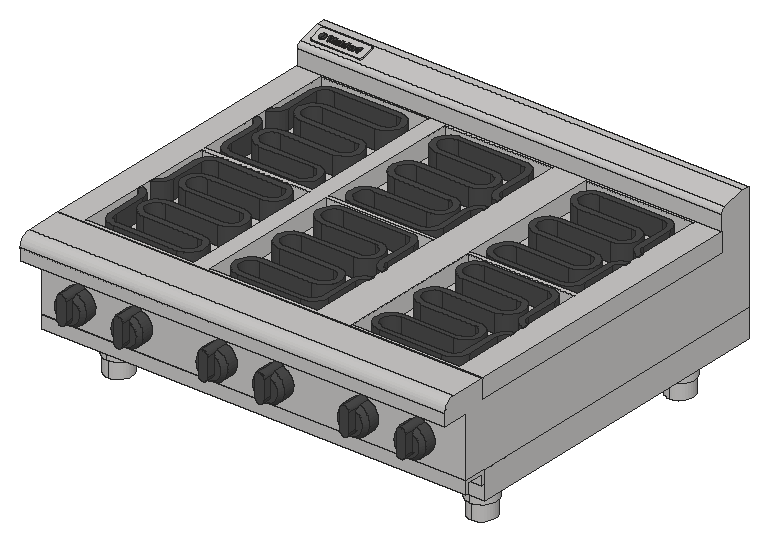
Revit family "QF_MOFFAT WALDORF_RNL8600E-B", category Specialty Equipment, Revit 2012
Parameters
  Weight in Pounds = 297.6237
  Watts = 14400 W
  Volts = 415 V
  URL Cutsheet = "www.moffat.com"
  URL = "www.moffat.com"
  Type Mark [instance] = ""
  Status [instance] = ""
  Specification by User [instance] = ""
  Specification by Manufacturer = ""
  Show Logo [instance] = yes
  Serial Number = ""
  Seismic Rating = ""
  SMACNA No = ""
  Revision Code [instance] = ""
  Phase = 3
  Omniclass Number and Title = ""
  Number of Poles = 1
  NAFEM Spec ID Number = ""
  Model = "RNL8600E-B"
  Min Ckt Ampacity = 0 A
  Max Overcurrent Protection = 0 A
  Masterspec = ""
  Manufacturer = "MOFFAT WALDORF"
  Item Number [instance] = ""
  Installed By [instance] = ""
  Identify Quantity as Lot [instance] = yes
  HP = ""
  Furnished By [instance] = ""
  Foodservice Equipment Identifier [instance] = yes
  FL Amps = 20 A
  Elec Conn RI Height = 0.0 mm
  Elec Conn Connection Height = 0.0 mm
  Description = "COOK TOP LOW SPLASHBACK ELECTRIC BENCH MOUNT"
  Cycle = 50 Hz
  Conn Plug = ""
  Conn Conduit = yes
  CSI MasterFormat = ""
  CSI Master Format = ""
  Base Height [instance] = 80.0 mm
  Apparent Power = if(Phase = 3, Volts * FL Amps * 1.73, Volts * FL Amps)  # 14359 VA
Reference planes
  plane 1 "BACK": y = 0
  plane 2: z = 0
  plane 3 "LEFT": x = 0
  plane 4 "RIGHT": x = 900
  plane 5 "FRONT": y = -805
  plane 6 "TOP": z = 370
  plane 7 "Center Y": x = 450
  plane 8 "Center X": y = -402.5
  plane 9 "Base Height": z = 80
  plane 10: x = 65.8
Forms (mm)
  Extrusion 1, solid, material "QF_Finishes_Stainless Steel"
    sketch origin (0, 0, 0) x (0, 1, 0) y (0, 0, 1)
      loop
        line (-805, 291) -> (-805, 266) -> (-749, 266) -> (-749, 140) -> (0, 140) -> (0, 370) -> (-15, 370) -> (-61.106, 357.646)
        arc (-61.106, 357.646) -> (-67.52, 353.36) -> (-70, 346.055) r 12
        line (-70, 346.055) -> (-70, 275) -> (-705, 275) -> (-705, 315) -> (-781, 315)
        arc (-781, 315) -> (-797.971, 307.971) -> (-805, 291) r 24
      loop
        line (0, 80) -> (0, 139.206) -> (-699, 139.206) -> (-699, 80) -> (0, 80)
      loop
        line (-749, 139.206) -> (-749, 112.019) -> (-742.6, 112.019) -> (-742.6, 132.806) -> (-706.4, 132.806) -> (-706.4, 112.019) -> (-700, 112.019) -> (-700, 139.206) -> (-749, 139.206)
    from 0 to 900
  Revolve 2, solid, material "QF_Finishes_Stainless Steel"
    sketch origin (835, -210, 0) x (0, 1, 0) y (0, 0, -1)
      loop
        line (78.25, -80) -> (110, -80) -> (110, 0) -> (82.5, 0) -> (82.5, -35) -> (78.25, -35) -> (78.25, -80)
      axis (110, -80) -> (110, 0)
    angle from 0 to 360
  Revolve 3, solid, material "QF_Finishes_Stainless Steel"
    sketch origin (65, -210, 0) x (0, 1, 0) y (0, 0, 1)
      loop
        line (78.25, 80) -> (78.25, 35) -> (82.5, 35) -> (82.5, 0) -> (110, 0) -> (110, 80) -> (78.25, 80)
      axis (110, 80) -> (110, 0)
    angle from 0 to 360
  Revolve 4, solid, material "QF_Finishes_Black"
    sketch origin (210, 0, 0) x (0, -1, 0) y (0, 0, 1)
      loop
        line (782, 229.605) -> (759, 229.605) -> (759, 202.105) -> (749, 202.105) -> (749, 197.105) -> (793, 197.105) -> (793, 223.757) -> (782, 229.605)
      axis (793, 197.105) -> (749, 197.105)
    angle from 0 to 360
  Extrusion 5, solid, material "QF_Finishes_Black"
    sketch origin (-78.431, 0, -103.997) x (1, 0, 0) y (0, 0, 1)
      loop
        line (298.431, 289) -> (298.431, 327.997)
        arc (298.431, 327.997) -> (288.431, 337.997) -> (278.431, 327.997) r 10
        line (278.431, 327.997) -> (278.431, 289)
        arc (278.431, 289) -> (288.431, 279) -> (298.431, 289) r 10
    from 759 to 808
  Extrusion 6, void
    sketch origin (705, 3, -500) x (1, 0, 0) y (0, 1, 0)
      loop
        circle (65, -35) r 13.5
    from 610 to 570
  Revolve 7, solid, material "QF_Finishes_Black"
    sketch origin (89.999, 0, -0.127) x (0, 1, 0) y (0, 0, -1)
      loop
        line (-782, -229.5) -> (-759, -229.5) -> (-759, -202) -> (-749, -202) -> (-749, -197) -> (-793, -197) -> (-793, -223.651) -> (-782, -229.5)
      axis (-793, -197) -> (-749, -197)
    angle from 0 to 360
  Extrusion 8, solid, material "QF_Finishes_Black"
    sketch origin (228.269, 0, 0.031) x (-1, 0, 0) y (0, 0, -1)
      loop
        arc (148.269, -184.969) -> (138.269, -174.969) -> (128.269, -184.969) r 10
        line (128.269, -184.969) -> (128.269, -223.969)
        arc (128.269, -223.969) -> (138.269, -233.969) -> (148.269, -223.969) r 10
        line (148.269, -223.969) -> (148.269, -184.969)
    from 759 to 808
  Revolve 9, solid, material "QF_Finishes_Black"
    sketch origin (510, 0, 0) x (0, -1, 0) y (0, 0, 1)
      loop
        line (782, 229.605) -> (759, 229.605) -> (759, 202.105) -> (749, 202.105) -> (749, 197.105) -> (793, 197.105) -> (793, 223.757) -> (782, 229.605)
      axis (793, 197.105) -> (749, 197.105)
    angle from 0 to 360
  Extrusion 10, solid, material "QF_Finishes_Black"
    sketch origin (371.569, 0, -103.997) x (1, 0, 0) y (0, 0, 1)
      loop
        line (148.431, 289) -> (148.431, 327.997)
        arc (148.431, 327.997) -> (138.431, 337.997) -> (128.431, 327.997) r 10
        line (128.431, 327.997) -> (128.431, 289)
        arc (128.431, 289) -> (138.431, 279) -> (148.431, 289) r 10
    from 759 to 808
  Revolve 11, solid, material "QF_Finishes_Black"
    sketch origin (389.999, 0, -0.127) x (0, 1, 0) y (0, 0, -1)
      loop
        line (-782, -229.5) -> (-759, -229.5) -> (-759, -202) -> (-749, -202) -> (-749, -197) -> (-793, -197) -> (-793, -223.651) -> (-782, -229.5)
      axis (-793, -197) -> (-749, -197)
    angle from 0 to 360
  Extrusion 12, solid, material "QF_Finishes_Black"
    sketch origin (378.269, 0, 0.031) x (-1, 0, 0) y (0, 0, -1)
      loop
        arc (-1.731, -184.969) -> (-11.731, -174.969) -> (-21.731, -184.969) r 10
        line (-21.731, -184.969) -> (-21.731, -223.969)
        arc (-21.731, -223.969) -> (-11.731, -233.969) -> (-1.731, -223.969) r 10
        line (-1.731, -223.969) -> (-1.731, -184.969)
    from 759 to 808
  Revolve 13, solid, material "QF_Finishes_Black"
    sketch origin (810, 0, 0) x (0, -1, 0) y (0, 0, 1)
      loop
        line (782, 229.605) -> (759, 229.605) -> (759, 202.105) -> (749, 202.105) -> (749, 197.105) -> (793, 197.105) -> (793, 223.757) -> (782, 229.605)
      axis (793, 197.105) -> (749, 197.105)
    angle from 0 to 360
  Extrusion 14, solid, material "QF_Finishes_Black"
    sketch origin (671.569, 0, -103.997) x (1, 0, 0) y (0, 0, 1)
      loop
        line (148.431, 289) -> (148.431, 327.997)
        arc (148.431, 327.997) -> (138.431, 337.997) -> (128.431, 327.997) r 10
        line (128.431, 327.997) -> (128.431, 289)
        arc (128.431, 289) -> (138.431, 279) -> (148.431, 289) r 10
    from 759 to 808
  Revolve 15, solid, material "QF_Finishes_Black"
    sketch origin (689.999, 0, -0.127) x (0, 1, 0) y (0, 0, -1)
      loop
        line (-782, -229.5) -> (-759, -229.5) -> (-759, -202) -> (-749, -202) -> (-749, -197) -> (-793, -197) -> (-793, -223.651) -> (-782, -229.5)
      axis (-793, -197) -> (-749, -197)
    angle from 0 to 360
  Extrusion 16, solid, material "QF_Finishes_Black"
    sketch origin (678.269, 0, 0.031) x (-1, 0, 0) y (0, 0, -1)
      loop
        arc (-1.731, -184.969) -> (-11.731, -174.969) -> (-21.731, -184.969) r 10
        line (-21.731, -184.969) -> (-21.731, -223.969)
        arc (-21.731, -223.969) -> (-11.731, -233.969) -> (-1.731, -223.969) r 10
        line (-1.731, -223.969) -> (-1.731, -184.969)
    from 759 to 808
  Revolve 17, solid, material "QF_Finishes_Stainless Steel"
    sketch origin (835, -735, 0) x (0, 1, 0) y (0, 0, -1)
      loop
        line (78.25, -80) -> (110, -80) -> (110, 0) -> (82.5, 0) -> (82.5, -35) -> (78.25, -35) -> (78.25, -80)
      axis (110, -80) -> (110, 0)
    angle from 0 to 360
  Revolve 18, solid, material "QF_Finishes_Stainless Steel"
    sketch origin (65, -735, 0) x (0, 1, 0) y (0, 0, 1)
      loop
        line (78.25, 80) -> (78.25, 35) -> (82.5, 35) -> (82.5, 0) -> (110, 0) -> (110, 80) -> (78.25, 80)
      axis (110, 80) -> (110, 0)
    angle from 0 to 360
  Extrusion 19, solid, material "QF_Finishes_Stainless Steel"
    sketch origin (0, -70, 275) x (0, -1, 0) y (1, 0, 0)
      loop
        line (1, 0) -> (635, 0) -> (635, 900) -> (1, 900) -> (1, 0)
      loop
        line (628.25, 54) -> (628.25, 282.75) -> (321.3, 282.75) -> (321.3, 54) -> (628.25, 54)
      loop
        line (6.75, 54) -> (313.7, 54) -> (313.7, 282.75) -> (6.75, 282.75) -> (6.75, 54)
      loop
        line (6.75, 317.25) -> (313.7, 317.25) -> (313.7, 546) -> (6.75, 546) -> (6.75, 317.25)
      loop
        line (628.25, 317.25) -> (628.25, 546) -> (321.3, 546) -> (321.3, 317.25) -> (628.25, 317.25)
      loop
        line (628.25, 846) -> (321.3, 846) -> (321.3, 617.25) -> (628.25, 617.25) -> (628.25, 846)
      loop
        line (6.75, 846) -> (6.75, 617.25) -> (313.7, 617.25) -> (313.7, 846) -> (6.75, 846)
    from 0 to 40
  Extrusion 20, solid, material "QF_Finishes_Black"
    sketch origin (0, -70, 275) x (0, -1, 0) y (1, 0, 0)
      loop
        arc (20.503, 102.138) -> (29.265, 78.692) -> (52.032, 68.293) r 32.731
        line (52.032, 68.293) -> (123.291, 68.293)
        arc (123.291, 68.293) -> (134.915, 64.189) -> (141.853, 54) r 19.786
        line (141.853, 54) -> (154.156, 54)
        arc (154.156, 54) -> (143.507, 72.673) -> (123.41, 80.3) r 31.79
        line (123.41, 80.3) -> (52.272, 80.3)
        arc (52.272, 80.3) -> (37.925, 87.003) -> (32.5, 101.881) r 20.722
        line (32.5, 101.881) -> (32.5, 234.6)
        arc (32.5, 234.6) -> (54.2, 256.3) -> (75.9, 234.6) r 21.7
        line (75.9, 234.6) -> (75.9, 122)
        arc (75.9, 122) -> (109.6, 88.3) -> (143.3, 122) r 33.7
        line (143.3, 122) -> (143.3, 234.6)
        arc (143.3, 234.6) -> (165, 256.3) -> (186.7, 234.6) r 21.7
        line (186.7, 234.6) -> (186.7, 122)
        arc (186.7, 122) -> (220.4, 88.3) -> (254.1, 122) r 33.7
        line (254.1, 122) -> (254.1, 234.6)
        arc (254.1, 234.6) -> (275.8, 256.3) -> (297.5, 234.6) r 21.7
        line (297.5, 234.6) -> (297.5, 101.881)
        arc (297.5, 101.881) -> (292.075, 87.003) -> (277.728, 80.3) r 20.722
        line (277.728, 80.3) -> (206.584, 80.3)
        arc (206.584, 80.3) -> (186.467, 72.659) -> (175.749, 54) r 31.973
        line (175.749, 54) -> (188.064, 54)
        arc (188.064, 54) -> (195.064, 64.184) -> (206.716, 68.3) r 19.973
        line (206.716, 68.3) -> (277.967, 68.3)
        arc (277.967, 68.3) -> (300.725, 78.682) -> (309.5, 102.106) r 32.722
        line (309.5, 102.106) -> (309.5, 234.6)
        arc (309.5, 234.6) -> (275.8, 268.3) -> (242.1, 234.6) r 33.7
        line (242.1, 234.6) -> (242.1, 122)
        arc (242.1, 122) -> (220.4, 100.3) -> (198.7, 122) r 21.7
        line (198.7, 122) -> (198.7, 234.6)
        arc (198.7, 234.6) -> (165, 268.3) -> (131.3, 234.6) r 33.7
        line (131.3, 234.6) -> (131.3, 122)
        arc (131.3, 122) -> (109.6, 100.3) -> (87.9, 122) r 21.7
        line (87.9, 122) -> (87.9, 234.6)
        arc (87.9, 234.6) -> (54.202, 268.298) -> (20.503, 234.6) r 33.698
        line (20.503, 234.6) -> (20.503, 102.138)
      loop
        arc (325.503, 102.138) -> (334.265, 78.692) -> (357.032, 68.293) r 32.731
        line (357.032, 68.293) -> (428.291, 68.293)
        arc (428.291, 68.293) -> (439.915, 64.189) -> (446.853, 54) r 19.786
        line (446.853, 54) -> (459.156, 54)
        arc (459.156, 54) -> (448.507, 72.673) -> (428.41, 80.3) r 31.79
        line (428.41, 80.3) -> (357.272, 80.3)
        arc (357.272, 80.3) -> (342.925, 87.003) -> (337.5, 101.881) r 20.722
        line (337.5, 101.881) -> (337.5, 234.6)
        arc (337.5, 234.6) -> (359.2, 256.3) -> (380.9, 234.6) r 21.7
        line (380.9, 234.6) -> (380.9, 122)
        arc (380.9, 122) -> (414.6, 88.3) -> (448.3, 122) r 33.7
        line (448.3, 122) -> (448.3, 234.6)
        arc (448.3, 234.6) -> (470, 256.3) -> (491.7, 234.6) r 21.7
        line (491.7, 234.6) -> (491.7, 122)
        arc (491.7, 122) -> (525.4, 88.3) -> (559.1, 122) r 33.7
        line (559.1, 122) -> (559.1, 234.6)
        arc (559.1, 234.6) -> (580.8, 256.3) -> (602.5, 234.6) r 21.7
        line (602.5, 234.6) -> (602.5, 101.881)
        arc (602.5, 101.881) -> (597.075, 87.003) -> (582.728, 80.3) r 20.722
        line (582.728, 80.3) -> (511.584, 80.3)
        arc (511.584, 80.3) -> (491.467, 72.659) -> (480.749, 54) r 31.973
        line (480.749, 54) -> (493.064, 54)
        arc (493.064, 54) -> (500.064, 64.184) -> (511.716, 68.3) r 19.973
        line (511.716, 68.3) -> (582.967, 68.3)
        arc (582.967, 68.3) -> (605.725, 78.682) -> (614.5, 102.106) r 32.722
        line (614.5, 102.106) -> (614.5, 234.6)
        arc (614.5, 234.6) -> (580.8, 268.3) -> (547.1, 234.6) r 33.7
        line (547.1, 234.6) -> (547.1, 122)
        arc (547.1, 122) -> (525.4, 100.3) -> (503.7, 122) r 21.7
        line (503.7, 122) -> (503.7, 234.6)
        arc (503.7, 234.6) -> (470, 268.3) -> (436.3, 234.6) r 33.7
        line (436.3, 234.6) -> (436.3, 122)
        arc (436.3, 122) -> (414.6, 100.3) -> (392.9, 122) r 21.7
        line (392.9, 122) -> (392.9, 234.6)
        arc (392.9, 234.6) -> (359.202, 268.298) -> (325.503, 234.6) r 33.698
        line (325.503, 234.6) -> (325.503, 102.138)
      loop
        line (20.503, 497.862) -> (20.503, 365.4)
        arc (20.503, 365.4) -> (54.202, 331.702) -> (87.9, 365.4) r 33.698
        line (87.9, 365.4) -> (87.9, 478)
        arc (87.9, 478) -> (109.6, 499.7) -> (131.3, 478) r 21.7
        line (131.3, 478) -> (131.3, 365.4)
        arc (131.3, 365.4) -> (165, 331.7) -> (198.7, 365.4) r 33.7
        line (198.7, 365.4) -> (198.7, 478)
        arc (198.7, 478) -> (220.4, 499.7) -> (242.1, 478) r 21.7
        line (242.1, 478) -> (242.1, 365.4)
        arc (242.1, 365.4) -> (275.8, 331.7) -> (309.5, 365.4) r 33.7
        line (309.5, 365.4) -> (309.5, 497.894)
        arc (309.5, 497.894) -> (300.725, 521.318) -> (277.967, 531.7) r 32.722
        line (277.967, 531.7) -> (206.716, 531.7)
        arc (206.716, 531.7) -> (195.064, 535.816) -> (188.064, 546) r 19.973
        line (188.064, 546) -> (175.749, 546)
        arc (175.749, 546) -> (186.467, 527.341) -> (206.584, 519.7) r 31.973
        line (206.584, 519.7) -> (277.728, 519.7)
        arc (277.728, 519.7) -> (292.075, 512.997) -> (297.5, 498.119) r 20.722
        line (297.5, 498.119) -> (297.5, 365.4)
        arc (297.5, 365.4) -> (275.8, 343.7) -> (254.1, 365.4) r 21.7
        line (254.1, 365.4) -> (254.1, 478)
        arc (254.1, 478) -> (220.4, 511.7) -> (186.7, 478) r 33.7
        line (186.7, 478) -> (186.7, 365.4)
        arc (186.7, 365.4) -> (165, 343.7) -> (143.3, 365.4) r 21.7
        line (143.3, 365.4) -> (143.3, 478)
        arc (143.3, 478) -> (109.6, 511.7) -> (75.9, 478) r 33.7
        line (75.9, 478) -> (75.9, 365.4)
        arc (75.9, 365.4) -> (54.2, 343.7) -> (32.5, 365.4) r 21.7
        line (32.5, 365.4) -> (32.5, 498.119)
        arc (32.5, 498.119) -> (37.925, 512.997) -> (52.272, 519.7) r 20.722
        line (52.272, 519.7) -> (123.41, 519.7)
        arc (123.41, 519.7) -> (143.507, 527.327) -> (154.156, 546) r 31.79
        line (154.156, 546) -> (141.853, 546)
        arc (141.853, 546) -> (134.915, 535.811) -> (123.291, 531.707) r 19.786
        line (123.291, 531.707) -> (52.032, 531.707)
        arc (52.032, 531.707) -> (29.265, 521.308) -> (20.503, 497.862) r 32.731
      loop
        line (325.503, 497.862) -> (325.503, 365.4)
        arc (325.503, 365.4) -> (359.202, 331.702) -> (392.9, 365.4) r 33.698
        line (392.9, 365.4) -> (392.9, 478)
        arc (392.9, 478) -> (414.6, 499.7) -> (436.3, 478) r 21.7
        line (436.3, 478) -> (436.3, 365.4)
        arc (436.3, 365.4) -> (470, 331.7) -> (503.7, 365.4) r 33.7
        line (503.7, 365.4) -> (503.7, 478)
        arc (503.7, 478) -> (525.4, 499.7) -> (547.1, 478) r 21.7
        line (547.1, 478) -> (547.1, 365.4)
        arc (547.1, 365.4) -> (580.8, 331.7) -> (614.5, 365.4) r 33.7
        line (614.5, 365.4) -> (614.5, 497.894)
        arc (614.5, 497.894) -> (605.725, 521.318) -> (582.967, 531.7) r 32.722
        line (582.967, 531.7) -> (511.716, 531.7)
        arc (511.716, 531.7) -> (500.064, 535.816) -> (493.064, 546) r 19.973
        line (493.064, 546) -> (480.749, 546)
        arc (480.749, 546) -> (491.467, 527.341) -> (511.584, 519.7) r 31.973
        line (511.584, 519.7) -> (582.728, 519.7)
        arc (582.728, 519.7) -> (597.075, 512.997) -> (602.5, 498.119) r 20.722
        line (602.5, 498.119) -> (602.5, 365.4)
        arc (602.5, 365.4) -> (580.8, 343.7) -> (559.1, 365.4) r 21.7
        line (559.1, 365.4) -> (559.1, 478)
        arc (559.1, 478) -> (525.4, 511.7) -> (491.7, 478) r 33.7
        line (491.7, 478) -> (491.7, 365.4)
        arc (491.7, 365.4) -> (470, 343.7) -> (448.3, 365.4) r 21.7
        line (448.3, 365.4) -> (448.3, 478)
        arc (448.3, 478) -> (414.6, 511.7) -> (380.9, 478) r 33.7
        line (380.9, 478) -> (380.9, 365.4)
        arc (380.9, 365.4) -> (359.2, 343.7) -> (337.5, 365.4) r 21.7
        line (337.5, 365.4) -> (337.5, 498.119)
        arc (337.5, 498.119) -> (342.925, 512.997) -> (357.272, 519.7) r 20.722
        line (357.272, 519.7) -> (428.41, 519.7)
        arc (428.41, 519.7) -> (448.507, 527.327) -> (459.156, 546) r 31.79
        line (459.156, 546) -> (446.853, 546)
        arc (446.853, 546) -> (439.915, 535.811) -> (428.291, 531.707) r 19.786
        line (428.291, 531.707) -> (357.032, 531.707)
        arc (357.032, 531.707) -> (334.265, 521.308) -> (325.503, 497.862) r 32.731
      loop
        line (20.503, 797.862) -> (20.503, 665.4)
        arc (20.503, 665.4) -> (54.202, 631.702) -> (87.9, 665.4) r 33.698
        line (87.9, 665.4) -> (87.9, 778)
        arc (87.9, 778) -> (109.6, 799.7) -> (131.3, 778) r 21.7
        line (131.3, 778) -> (131.3, 665.4)
        arc (131.3, 665.4) -> (165, 631.7) -> (198.7, 665.4) r 33.7
        line (198.7, 665.4) -> (198.7, 778)
        arc (198.7, 778) -> (220.4, 799.7) -> (242.1, 778) r 21.7
        line (242.1, 778) -> (242.1, 665.4)
        arc (242.1, 665.4) -> (275.8, 631.7) -> (309.5, 665.4) r 33.7
        line (309.5, 665.4) -> (309.5, 797.894)
        arc (309.5, 797.894) -> (300.725, 821.318) -> (277.967, 831.7) r 32.722
        line (277.967, 831.7) -> (206.716, 831.7)
        arc (206.716, 831.7) -> (195.064, 835.816) -> (188.064, 846) r 19.973
        line (188.064, 846) -> (175.749, 846)
        arc (175.749, 846) -> (186.467, 827.341) -> (206.584, 819.7) r 31.973
        line (206.584, 819.7) -> (277.728, 819.7)
        arc (277.728, 819.7) -> (292.075, 812.997) -> (297.5, 798.119) r 20.722
        line (297.5, 798.119) -> (297.5, 665.4)
        arc (297.5, 665.4) -> (275.8, 643.7) -> (254.1, 665.4) r 21.7
        line (254.1, 665.4) -> (254.1, 778)
        arc (254.1, 778) -> (220.4, 811.7) -> (186.7, 778) r 33.7
        line (186.7, 778) -> (186.7, 665.4)
        arc (186.7, 665.4) -> (165, 643.7) -> (143.3, 665.4) r 21.7
        line (143.3, 665.4) -> (143.3, 778)
        arc (143.3, 778) -> (109.6, 811.7) -> (75.9, 778) r 33.7
        line (75.9, 778) -> (75.9, 665.4)
        arc (75.9, 665.4) -> (54.2, 643.7) -> (32.5, 665.4) r 21.7
        line (32.5, 665.4) -> (32.5, 798.119)
        arc (32.5, 798.119) -> (37.925, 812.997) -> (52.272, 819.7) r 20.722
        line (52.272, 819.7) -> (123.41, 819.7)
        arc (123.41, 819.7) -> (143.507, 827.327) -> (154.156, 846) r 31.79
        line (154.156, 846) -> (141.853, 846)
        arc (141.853, 846) -> (134.915, 835.811) -> (123.291, 831.707) r 19.786
        line (123.291, 831.707) -> (52.032, 831.707)
        arc (52.032, 831.707) -> (29.265, 821.308) -> (20.503, 797.862) r 32.731
      loop
        line (325.503, 797.862) -> (325.503, 665.4)
        arc (325.503, 665.4) -> (359.202, 631.702) -> (392.9, 665.4) r 33.698
        line (392.9, 665.4) -> (392.9, 778)
        arc (392.9, 778) -> (414.6, 799.7) -> (436.3, 778) r 21.7
        line (436.3, 778) -> (436.3, 665.4)
        arc (436.3, 665.4) -> (470, 631.7) -> (503.7, 665.4) r 33.7
        line (503.7, 665.4) -> (503.7, 778)
        arc (503.7, 778) -> (525.4, 799.7) -> (547.1, 778) r 21.7
        line (547.1, 778) -> (547.1, 665.4)
        arc (547.1, 665.4) -> (580.8, 631.7) -> (614.5, 665.4) r 33.7
        line (614.5, 665.4) -> (614.5, 797.894)
        arc (614.5, 797.894) -> (605.725, 821.318) -> (582.967, 831.7) r 32.722
        line (582.967, 831.7) -> (511.716, 831.7)
        arc (511.716, 831.7) -> (500.064, 835.816) -> (493.064, 846) r 19.973
        line (493.064, 846) -> (480.749, 846)
        arc (480.749, 846) -> (491.467, 827.341) -> (511.584, 819.7) r 31.973
        line (511.584, 819.7) -> (582.728, 819.7)
        arc (582.728, 819.7) -> (597.075, 812.997) -> (602.5, 798.119) r 20.722
        line (602.5, 798.119) -> (602.5, 665.4)
        arc (602.5, 665.4) -> (580.8, 643.7) -> (559.1, 665.4) r 21.7
        line (559.1, 665.4) -> (559.1, 778)
        arc (559.1, 778) -> (525.4, 811.7) -> (491.7, 778) r 33.7
        line (491.7, 778) -> (491.7, 665.4)
        arc (491.7, 665.4) -> (470, 643.7) -> (448.3, 665.4) r 21.7
        line (448.3, 665.4) -> (448.3, 778)
        arc (448.3, 778) -> (414.6, 811.7) -> (380.9, 778) r 33.7
        line (380.9, 778) -> (380.9, 665.4)
        arc (380.9, 665.4) -> (359.2, 643.7) -> (337.5, 665.4) r 21.7
        line (337.5, 665.4) -> (337.5, 798.119)
        arc (337.5, 798.119) -> (342.925, 812.997) -> (357.272, 819.7) r 20.722
        line (357.272, 819.7) -> (428.41, 819.7)
        arc (428.41, 819.7) -> (448.507, 827.327) -> (459.156, 846) r 31.79
        line (459.156, 846) -> (446.853, 846)
        arc (446.853, 846) -> (439.915, 835.811) -> (428.291, 831.707) r 19.786
        line (428.291, 831.707) -> (357.032, 831.707)
        arc (357.032, 831.707) -> (334.265, 821.308) -> (325.503, 797.862) r 32.731
    from 0 to 40
Cuts and joins
  joined: Revolve 7, Extrusion 8
  joined: Revolve 4, Extrusion 5
  joined: Revolve 11, Extrusion 12
  joined: Revolve 9, Extrusion 10
  Extrusion 6 cuts Extrusion 1
Lines and regions (mm)
  Split face 1
    outline origin (49.063, -18.622, 369.029) x (0, -0.965926, -0.258819) y (1, 0, 0)
      loop
        line (1.427, 105.5) -> (34.83, 105.5) -> (34.83, 125.5) -> (1.427, 125.5) -> (1.427, 105.5)
  Split face 2
    outline origin (99.063, -18.622, 369.029) x (0, -0.965926, -0.258819) y (1, 0, 0)
      loop
        line (1.427, 105.5) -> (34.83, 105.5) -> (34.83, 125.5) -> (1.427, 125.5) -> (1.427, 105.5)
  Split face 3
    outline origin (149.062, -18.622, 369.029) x (0, -0.965926, -0.258819) y (1, 0, 0)
      loop
        line (1.427, 105.5) -> (34.83, 105.5) -> (34.83, 125.5) -> (1.427, 125.5) -> (1.427, 105.5)
  Split face 4
    outline origin (199.063, -18.622, 369.029) x (0, -0.965926, -0.258819) y (1, 0, 0)
      loop
        line (1.427, 105.5) -> (34.83, 105.5) -> (34.83, 125.5) -> (1.427, 125.5) -> (1.427, 105.5)
  Split face 5
    outline origin (249.062, -18.622, 369.029) x (0, -0.965926, -0.258819) y (1, 0, 0)
      loop
        line (1.427, 105.5) -> (34.83, 105.5) -> (34.83, 125.5) -> (1.427, 125.5) -> (1.427, 105.5)
  Split face 6
    outline origin (299.062, -18.622, 369.029) x (0, -0.965926, -0.258819) y (1, 0, 0)
      loop
        line (1.427, 105.5) -> (34.83, 105.5) -> (34.83, 125.5) -> (1.427, 125.5) -> (1.427, 105.5)
  Split face 7
    outline origin (349.062, -18.622, 369.029) x (0, -0.965926, -0.258819) y (1, 0, 0)
      loop
        line (1.427, 105.5) -> (34.83, 105.5) -> (34.83, 125.5) -> (1.427, 125.5) -> (1.427, 105.5)
  Split face 8
    outline origin (399.062, -18.622, 369.029) x (0, -0.965926, -0.258819) y (1, 0, 0)
      loop
        line (1.427, 105.5) -> (34.83, 105.5) -> (34.83, 125.5) -> (1.427, 125.5) -> (1.427, 105.5)
  Split face 9
    outline origin (449.062, -18.622, 369.029) x (0, -0.965926, -0.258819) y (1, 0, 0)
      loop
        line (1.427, 105.5) -> (34.83, 105.5) -> (34.83, 125.5) -> (1.427, 125.5) -> (1.427, 105.5)
  Split face 10
    outline origin (499.062, -18.622, 369.029) x (0, -0.965926, -0.258819) y (1, 0, 0)
      loop
        line (1.427, 105.5) -> (34.83, 105.5) -> (34.83, 125.5) -> (1.427, 125.5) -> (1.427, 105.5)
  Split face 11
    outline origin (549.062, -18.622, 369.029) x (0, -0.965926, -0.258819) y (1, 0, 0)
      loop
        line (1.427, 105.5) -> (34.83, 105.5) -> (34.83, 125.5) -> (1.427, 125.5) -> (1.427, 105.5)
  Split face 12
    outline origin (599.062, -18.622, 369.029) x (0, -0.965926, -0.258819) y (1, 0, 0)
      loop
        line (1.427, 105.5) -> (34.83, 105.5) -> (34.83, 125.5) -> (1.427, 125.5) -> (1.427, 105.5)
  symbolic lines, visible <- "Show Logo"
    curve 1: line (12.5, -52.06, 0) -> (12.5, -21.099, 0)
    curve 2: line (121.5, -21.099, 0) -> (121.5, -52.06, 0)
    curve 3: line (12.5, -21.099, 0) -> (121.5, -21.099, 0)
    curve 4: line (12.5, -52.06, 0) -> (121.5, -52.06, 0)
  symbolic lines
    curve 5: line (154.563, -50.782, 0) -> (154.563, -20.984, 0)
    curve 6: line (154.563, -20.984, 0) -> (174.562, -20.984, 0)
    curve 7: line (174.562, -20.984, 0) -> (174.562, -50.782, 0)
    curve 8: line (174.562, -50.782, 0) -> (154.563, -50.782, 0)
    curve 9: line (204.563, -20.984, 0) -> (204.563, -50.782, 0)
    curve 10: line (204.563, -50.782, 0) -> (224.562, -50.782, 0)
    curve 11: line (224.562, -50.782, 0) -> (224.562, -20.984, 0)
    curve 12: line (224.562, -20.984, 0) -> (204.563, -20.984, 0)
    curve 13: line (254.563, -20.984, 0) -> (254.563, -50.782, 0)
    curve 14: line (254.563, -50.782, 0) -> (274.562, -50.782, 0)
    curve 15: line (274.562, -50.782, 0) -> (274.562, -20.984, 0)
    curve 16: line (274.562, -20.984, 0) -> (254.563, -20.984, 0)
    curve 17: line (304.563, -20.984, 0) -> (304.563, -50.782, 0)
    curve 18: line (304.563, -50.782, 0) -> (324.563, -50.782, 0)
    curve 19: line (324.563, -50.782, 0) -> (324.563, -20.984, 0)
    curve 20: line (324.563, -20.984, 0) -> (304.563, -20.984, 0)
    curve 21: line (354.563, -20.984, 0) -> (354.563, -50.782, 0)
    curve 22: line (354.563, -50.782, 0) -> (374.563, -50.782, 0)
    curve 23: line (374.563, -50.782, 0) -> (374.563, -20.984, 0)
    curve 24: line (374.563, -20.984, 0) -> (354.563, -20.984, 0)
    curve 25: line (404.563, -50.782, 0) -> (404.563, -20.984, 0)
    curve 26: line (404.563, -20.984, 0) -> (424.563, -20.984, 0)
    curve 27: line (424.563, -20.984, 0) -> (424.563, -50.782, 0)
    curve 28: line (424.563, -50.782, 0) -> (404.563, -50.782, 0)
    curve 29: line (454.563, -50.782, 0) -> (454.563, -20.984, 0)
    curve 30: line (454.563, -20.984, 0) -> (474.563, -20.984, 0)
    curve 31: line (474.563, -20.984, 0) -> (474.563, -50.782, 0)
    curve 32: line (474.563, -50.782, 0) -> (454.563, -50.782, 0)
    curve 33: line (504.563, -20.984, 0) -> (504.563, -50.782, 0)
    curve 34: line (504.563, -50.782, 0) -> (524.563, -50.782, 0)
    curve 35: line (524.563, -50.782, 0) -> (524.563, -20.984, 0)
    curve 36: line (524.563, -20.984, 0) -> (504.563, -20.984, 0)
    curve 37: line (554.563, -50.782, 0) -> (554.563, -20.984, 0)
    curve 38: line (554.563, -20.984, 0) -> (574.563, -20.984, 0)
    curve 39: line (574.563, -20.984, 0) -> (574.563, -50.782, 0)
    curve 40: line (574.563, -50.782, 0) -> (554.563, -50.782, 0)
    curve 41: line (604.563, -50.782, 0) -> (604.563, -20.984, 0)
    curve 42: line (604.563, -20.984, 0) -> (624.563, -20.984, 0)
    curve 43: line (624.563, -20.984, 0) -> (624.563, -50.782, 0)
    curve 44: line (624.563, -50.782, 0) -> (604.563, -50.782, 0)
    curve 45: line (654.563, -50.782, 0) -> (654.563, -20.984, 0)
    curve 46: line (654.563, -20.984, 0) -> (674.563, -20.984, 0)
    curve 47: line (674.563, -20.984, 0) -> (674.563, -50.782, 0)
    curve 48: line (674.563, -50.782, 0) -> (654.563, -50.782, 0)
    curve 49: line (724.563, -50.782, 0) -> (704.563, -50.782, 0)
    curve 50: line (704.563, -50.782, 0) -> (704.563, -20.984, 0)
    curve 51: line (704.563, -20.984, 0) -> (724.563, -20.984, 0)
    curve 52: line (724.563, -20.984, 0) -> (724.563, -50.782, 0)
    curve 53: line (0, -805, 0) -> (900, -805, 0)
    curve 54: line (0, 0, 0) -> (0, -805, 0)
    curve 55: line (900, -805, 0) -> (900, 0, 0)
    curve 56: line (900, 0, 0) -> (0, 0, 0)
    curve 57: line (0, -70, 0) -> (900, -70, 0)
    curve 58: line (900, -705, 0) -> (0, -705, 0)
    curve 59: arc (54, -218.043, 0) -> (68.436, -209.222, 0) -> (74.3, -193.354, 0) r 25.79
    curve 60: line (74.3, -193.354, 0) -> (74.3, -122.146, 0)
    curve 61: arc (74.3, -122.146, 0) -> (82.847, -103.595, 0) -> (102, -96.5, 0) r 26.722
    curve 62: line (102, -96.5, 0) -> (234.6, -96.5, 0)
    curve 63: arc (234.6, -96.5, 0) -> (262.3, -124.2, 0) -> (234.6, -151.9, 0) r 27.7
    curve 64: line (234.6, -151.9, 0) -> (122, -151.9, 0)
    curve 65: arc (122, -151.9, 0) -> (94.3, -179.6, 0) -> (122, -207.3, 0) r 27.7
    curve 66: line (122, -207.3, 0) -> (234.6, -207.3, 0)
    curve 67: arc (234.6, -207.3, 0) -> (262.3, -235, 0) -> (234.6, -262.7, 0) r 27.7
    curve 68: line (234.6, -262.7, 0) -> (122, -262.7, 0)
    curve 69: arc (122, -262.7, 0) -> (94.3, -290.4, 0) -> (122, -318.1, 0) r 27.7
    curve 70: line (122, -318.1, 0) -> (234.6, -318.1, 0)
    curve 71: arc (234.6, -318.1, 0) -> (262.3, -345.8, 0) -> (234.6, -373.5, 0) r 27.7
    curve 72: line (234.6, -373.5, 0) -> (102, -373.5, 0)
    curve 73: arc (102, -373.5, 0) -> (82.847, -366.405, 0) -> (74.3, -347.854, 0) r 26.722
    curve 74: line (74.3, -347.854, 0) -> (74.3, -276.646, 0)
    curve 75: arc (74.3, -276.646, 0) -> (68.424, -260.755, 0) -> (54, -251.869, 0) r 25.973
    curve 76: arc (54, -523.043, 0) -> (68.436, -514.222, 0) -> (74.3, -498.354, 0) r 25.79
    curve 77: line (74.3, -498.354, 0) -> (74.3, -427.146, 0)
    curve 78: arc (74.3, -427.146, 0) -> (82.847, -408.595, 0) -> (102, -401.5, 0) r 26.722
    curve 79: line (102, -401.5, 0) -> (234.6, -401.5, 0)
    curve 80: arc (234.6, -401.5, 0) -> (262.3, -429.2, 0) -> (234.6, -456.9, 0) r 27.7
    curve 81: line (234.6, -456.9, 0) -> (122, -456.9, 0)
    curve 82: arc (122, -456.9, 0) -> (94.3, -484.6, 0) -> (122, -512.3, 0) r 27.7
    curve 83: line (122, -512.3, 0) -> (234.6, -512.3, 0)
    curve 84: arc (234.6, -512.3, 0) -> (262.3, -540, 0) -> (234.6, -567.7, 0) r 27.7
    curve 85: line (234.6, -567.7, 0) -> (122, -567.7, 0)
    curve 86: arc (122, -567.7, 0) -> (94.3, -595.4, 0) -> (122, -623.1, 0) r 27.7
    curve 87: line (122, -623.1, 0) -> (234.6, -623.1, 0)
    curve 88: arc (234.6, -623.1, 0) -> (262.3, -650.8, 0) -> (234.6, -678.5, 0) r 27.7
    curve 89: line (234.6, -678.5, 0) -> (102, -678.5, 0)
    curve 90: arc (102, -678.5, 0) -> (82.847, -671.405, 0) -> (74.3, -652.854, 0) r 26.722
    curve 91: line (74.3, -652.854, 0) -> (74.3, -581.646, 0)
    curve 92: arc (74.3, -581.646, 0) -> (68.424, -565.755, 0) -> (54, -556.869, 0) r 25.973
    curve 93: arc (545.338, -218.043, 0) -> (530.902, -209.222, 0) -> (525.038, -193.354, 0) r 25.79
    curve 94: line (525.038, -193.354, 0) -> (525.038, -122.146, 0)
    curve 95: arc (525.038, -122.146, 0) -> (516.491, -103.595, 0) -> (497.338, -96.5, 0) r 26.722
    curve 96: line (497.338, -96.5, 0) -> (364.738, -96.5, 0)
    curve 97: arc (364.738, -96.5, 0) -> (337.038, -124.2, 0) -> (364.738, -151.9, 0) r 27.7
    curve 98: line (364.738, -151.9, 0) -> (477.338, -151.9, 0)
    curve 99: arc (477.338, -151.9, 0) -> (505.038, -179.6, 0) -> (477.338, -207.3, 0) r 27.7
    curve 100: line (477.338, -207.3, 0) -> (364.738, -207.3, 0)
    curve 101: arc (364.738, -207.3, 0) -> (337.038, -235, 0) -> (364.738, -262.7, 0) r 27.7
    curve 102: line (364.738, -262.7, 0) -> (477.338, -262.7, 0)
    curve 103: arc (477.338, -262.7, 0) -> (505.038, -290.4, 0) -> (477.338, -318.1, 0) r 27.7
    curve 104: line (477.338, -318.1, 0) -> (364.738, -318.1, 0)
    curve 105: arc (364.738, -318.1, 0) -> (337.038, -345.8, 0) -> (364.738, -373.5, 0) r 27.7
    curve 106: line (364.738, -373.5, 0) -> (497.338, -373.5, 0)
    curve 107: arc (497.338, -373.5, 0) -> (516.491, -366.405, 0) -> (525.038, -347.854, 0) r 26.722
    curve 108: line (525.038, -347.854, 0) -> (525.038, -276.646, 0)
    curve 109: arc (525.038, -276.646, 0) -> (530.914, -260.755, 0) -> (545.338, -251.869, 0) r 25.973
    curve 110: arc (545.338, -523.043, 0) -> (530.902, -514.222, 0) -> (525.038, -498.354, 0) r 25.79
    curve 111: line (525.038, -498.354, 0) -> (525.038, -427.146, 0)
    curve 112: arc (525.038, -427.146, 0) -> (516.491, -408.595, 0) -> (497.338, -401.5, 0) r 26.722
    curve 113: line (497.338, -401.5, 0) -> (364.738, -401.5, 0)
    curve 114: arc (364.738, -401.5, 0) -> (337.038, -429.2, 0) -> (364.738, -456.9, 0) r 27.7
    curve 115: line (364.738, -456.9, 0) -> (477.338, -456.9, 0)
    curve 116: arc (477.338, -456.9, 0) -> (505.038, -484.6, 0) -> (477.338, -512.3, 0) r 27.7
    curve 117: line (477.338, -512.3, 0) -> (364.738, -512.3, 0)
    curve 118: arc (364.738, -512.3, 0) -> (337.038, -540, 0) -> (364.738, -567.7, 0) r 27.7
    curve 119: line (364.738, -567.7, 0) -> (477.338, -567.7, 0)
    curve 120: arc (477.338, -567.7, 0) -> (505.038, -595.4, 0) -> (477.338, -623.1, 0) r 27.7
    curve 121: line (477.338, -623.1, 0) -> (364.738, -623.1, 0)
    curve 122: arc (364.738, -623.1, 0) -> (337.038, -650.8, 0) -> (364.738, -678.5, 0) r 27.7
    curve 123: line (364.738, -678.5, 0) -> (497.338, -678.5, 0)
    curve 124: arc (497.338, -678.5, 0) -> (516.491, -671.405, 0) -> (525.038, -652.854, 0) r 26.722
    curve 125: line (525.038, -652.854, 0) -> (525.038, -581.646, 0)
    curve 126: arc (525.038, -581.646, 0) -> (530.914, -565.755, 0) -> (545.338, -556.869, 0) r 25.973
    curve 127: arc (845.338, -218.043, 0) -> (830.902, -209.222, 0) -> (825.038, -193.354, 0) r 25.79
    curve 128: line (825.038, -193.354, 0) -> (825.038, -122.146, 0)
    curve 129: arc (825.038, -122.146, 0) -> (816.491, -103.595, 0) -> (797.338, -96.5, 0) r 26.722
    curve 130: line (797.338, -96.5, 0) -> (664.738, -96.5, 0)
    curve 131: arc (664.738, -96.5, 0) -> (637.038, -124.2, 0) -> (664.738, -151.9, 0) r 27.7
    curve 132: line (664.738, -151.9, 0) -> (777.338, -151.9, 0)
    curve 133: arc (777.338, -151.9, 0) -> (805.038, -179.6, 0) -> (777.338, -207.3, 0) r 27.7
    curve 134: line (777.338, -207.3, 0) -> (664.738, -207.3, 0)
    curve 135: arc (664.738, -207.3, 0) -> (637.038, -235, 0) -> (664.738, -262.7, 0) r 27.7
    curve 136: line (664.738, -262.7, 0) -> (777.338, -262.7, 0)
    curve 137: arc (777.338, -262.7, 0) -> (805.038, -290.4, 0) -> (777.338, -318.1, 0) r 27.7
    curve 138: line (777.338, -318.1, 0) -> (664.738, -318.1, 0)
    curve 139: arc (664.738, -318.1, 0) -> (637.038, -345.8, 0) -> (664.738, -373.5, 0) r 27.7
    curve 140: line (664.738, -373.5, 0) -> (797.338, -373.5, 0)
    curve 141: arc (797.338, -373.5, 0) -> (816.491, -366.405, 0) -> (825.038, -347.854, 0) r 26.722
    curve 142: line (825.038, -347.854, 0) -> (825.038, -276.646, 0)
    curve 143: arc (825.038, -276.646, 0) -> (830.914, -260.755, 0) -> (845.338, -251.869, 0) r 25.973
    curve 144: arc (845.338, -523.043, 0) -> (830.902, -514.222, 0) -> (825.038, -498.354, 0) r 25.79
    curve 145: line (825.038, -498.354, 0) -> (825.038, -427.146, 0)
    curve 146: arc (825.038, -427.146, 0) -> (816.491, -408.595, 0) -> (797.338, -401.5, 0) r 26.722
    curve 147: line (797.338, -401.5, 0) -> (664.738, -401.5, 0)
    curve 148: arc (664.738, -401.5, 0) -> (637.038, -429.2, 0) -> (664.738, -456.9, 0) r 27.7
    curve 149: line (664.738, -456.9, 0) -> (777.338, -456.9, 0)
    curve 150: arc (777.338, -456.9, 0) -> (805.038, -484.6, 0) -> (777.338, -512.3, 0) r 27.7
    curve 151: line (777.338, -512.3, 0) -> (664.738, -512.3, 0)
    curve 152: arc (664.738, -512.3, 0) -> (637.038, -540, 0) -> (664.738, -567.7, 0) r 27.7
    curve 153: line (664.738, -567.7, 0) -> (777.338, -567.7, 0)
    curve 154: arc (777.338, -567.7, 0) -> (805.038, -595.4, 0) -> (777.338, -623.1, 0) r 27.7
    curve 155: line (777.338, -623.1, 0) -> (664.738, -623.1, 0)
    curve 156: arc (664.738, -623.1, 0) -> (637.038, -650.8, 0) -> (664.738, -678.5, 0) r 27.7
    curve 157: line (664.738, -678.5, 0) -> (797.338, -678.5, 0)
    curve 158: arc (797.338, -678.5, 0) -> (816.491, -671.405, 0) -> (825.038, -652.854, 0) r 26.722
    curve 159: line (825.038, -652.854, 0) -> (825.038, -581.646, 0)
    curve 160: arc (825.038, -581.646, 0) -> (830.914, -565.755, 0) -> (845.338, -556.869, 0) r 25.973
    curve 161: line (54, -705, 0) -> (54, -70, 0)
    curve 162: line (282.75, -70, 0) -> (282.75, -705, 0)
    curve 163: line (317.25, -705, 0) -> (317.25, -70, 0)
    curve 164: line (546, -70, 0) -> (546, -705, 0)
    curve 165: line (617.25, -705, 0) -> (617.25, -70, 0)
    curve 166: line (846, -70, 0) -> (846, -705, 0)
    curve 167: line (282.75, -387.5, 0) -> (54, -387.5, 0)
    curve 168: line (317.25, -387.5, 0) -> (546, -387.5, 0)
    curve 169: line (617.25, -387.5, 0) -> (846, -387.5, 0)
Dimensions and locks
  equal spacing: plane 3 "LEFT", plane 7 "Center Y", plane 4 "RIGHT"
  plane 3 "LEFT" to plane 4 "RIGHT" = 900.0 mm
  equal spacing: plane 5 "FRONT", plane 8 "Center X", plane 1 "BACK"
  plane 5 "FRONT" to plane 1 "BACK" = 805.0 mm
  "Base Height": plane 9 "Base Height" to level
  locked: plane 6 "TOP" to plane 9 "Base Height" at 290
  level to Extrusion 6 = 110.0 mm
  plane 6 "TOP" to nested 1 to nested 1 = 1.384 mm locked, 9.01 mm locked
  Revolve 13 sketch curve to Revolve 13 sketch curve to Revolve 15 to cut or joined group of Revolve 11, Extrusion 12 = 11.0 mm locked, 23.0 mm locked, 10.0 mm locked
  plane 6 "TOP" to level = 370.0 mm
  aligned and locked: level to plane 2
  aligned and locked: Revolve 3 sketch curve to plane 9 "Base Height"
  aligned and locked: Extrusion 1 to Revolve 13 sketch curve
Automatic sketch dimensions
  plane 1 "BACK" to Extrusion 6 sketch curve = 32.0 mm
  plane 4 "RIGHT" to Extrusion 6 sketch curve = 130.0 mm
  Extrusion 1 sketch curve to plane 5 "FRONT" = 0.0 mm
  plane 9 "Base Height" to Extrusion 1 sketch curve = 0.0 mm
  Extrusion 1 sketch curve to plane 6 "TOP" = 0.0 mm
  Extrusion 1 sketch curve to plane 1 "BACK" = 0.0 mm  (x2)
  Extrusion 1 sketch curve to plane 5 "FRONT" = 24.0 mm
  Extrusion 1 sketch curve to plane 5 "FRONT" = 56.0 mm
  Extrusion 1 sketch curve to Extrusion 1 sketch curve = 0.0 mm  (x2)
  Extrusion 1 sketch curve to Extrusion 1 sketch curve = 6.4 mm  (x3)
  Extrusion 1 sketch curve to Extrusion 1 sketch curve = 36.2 mm
  Extrusion 1 sketch curve to Extrusion 1 sketch curve = 44.0 mm
  Extrusion 1 sketch curve to Extrusion 1 sketch curve = 1.0 mm
  plane 1 "BACK" to Extrusion 1 sketch curve = 70.0 mm
  Extrusion 1 sketch curve to plane 6 "TOP" = 12.354 mm
  Extrusion 1 sketch curve to Extrusion 1 sketch curve = 8.894 mm
  Extrusion 1 sketch curve to Extrusion 1 sketch curve = 3.106 mm
  Extrusion 1 sketch curve to Extrusion 1 sketch curve = 15.0 mm
  plane 9 "Base Height" to Extrusion 1 sketch curve = 32.019 mm  (x2)
  Extrusion 1 sketch curve to Extrusion 1 sketch curve = 20.787 mm
  Extrusion 1 sketch curve to Extrusion 1 sketch curve = 0.794 mm
  Extrusion 1 sketch curve to Extrusion 1 sketch curve = 126.0 mm
  Extrusion 1 sketch curve to Extrusion 1 sketch curve = 135.0 mm
  Extrusion 1 sketch curve to Extrusion 1 sketch curve = 25.0 mm
  Revolve 2 sketch curve to plane 9 "Base Height" = 0.0 mm
  Revolve 2 sketch curve to level = 0.0 mm
  level to Revolve 2 sketch curve = 35.0 mm
  plane 1 "BACK" to Revolve 2 sketch curve = 131.75 mm
  Revolve 2 sketch curve to Revolve 2 sketch curve = 4.25 mm
  Revolve 2 sketch curve to Revolve 2 sketch curve = 27.5 mm
  Revolve 2 sketch curve to Revolve 2 sketch curve = 0.0 mm
  Revolve 2 sketch curve to Revolve 2 sketch curve = 30.0 mm
  Revolve 2 sketch curve to Revolve 2 sketch curve = 55.0 mm
  Revolve 3 sketch curve to level = 0.0 mm
  level to Revolve 3 sketch curve = 35.0 mm
  plane 1 "BACK" to Revolve 3 sketch curve = 131.75 mm
  Revolve 3 sketch curve to Revolve 3 sketch curve = 4.25 mm
  Revolve 3 sketch curve to Revolve 3 sketch curve = 27.5 mm
  Revolve 3 sketch curve to Revolve 3 sketch curve = 0.0 mm
  Revolve 3 sketch curve to Revolve 3 sketch curve = 55.0 mm
  Revolve 3 sketch curve to plane 9 "Base Height" = 30.0 mm
  Revolve 4 sketch curve to plane 5 "FRONT" = 56.0 mm
  Revolve 4 sketch curve to Revolve 4 sketch curve = 10.0 mm
  Revolve 4 sketch curve to Revolve 4 sketch curve = 21.3 mm
  Revolve 4 sketch curve to plane 5 "FRONT" = 23.0 mm
  Revolve 4 sketch curve to plane 5 "FRONT" = 12.0 mm
  Revolve 4 sketch curve to Revolve 4 sketch curve = 0.0 mm  (x2)
  plane 9 "Base Height" to Revolve 4 sketch curve = 117.105 mm
  Revolve 4 sketch curve to Revolve 4 sketch curve = 5.0 mm
  Revolve 4 sketch curve to Revolve 4 sketch curve = 26.651 mm
  Revolve 4 sketch curve to Revolve 4 sketch curve = 5.849 mm
  plane 3 "LEFT" to Extrusion 5 sketch curve = 200.0 mm
  Extrusion 5 sketch curve to Extrusion 5 sketch curve = 10.0 mm
  plane 9 "Base Height" to Extrusion 5 sketch curve = 105.003 mm
  Extrusion 5 sketch curve to Extrusion 5 sketch curve = 38.997 mm
  Revolve 7 sketch curve to plane 5 "FRONT" = 12.0 mm
  Revolve 7 sketch curve to Revolve 7 sketch curve = 0.0 mm  (x2)
  Revolve 7 sketch curve to Revolve 7 sketch curve = 11.0 mm
  Revolve 7 sketch curve to Revolve 7 sketch curve = 12.7 mm
  Revolve 7 sketch curve to Revolve 7 sketch curve = 23.0 mm
  Revolve 7 sketch curve to Revolve 7 sketch curve = 10.0 mm
  plane 9 "Base Height" to Revolve 7 sketch curve = 149.373 mm
  Revolve 7 sketch curve to Revolve 7 sketch curve = 5.849 mm
  Revolve 7 sketch curve to Revolve 7 sketch curve = 27.5 mm
  Revolve 7 sketch curve to Revolve 7 sketch curve = 5.0 mm
  plane 3 "LEFT" to Extrusion 8 sketch curve = 100.0 mm
  Extrusion 8 sketch curve to Extrusion 8 sketch curve = 10.0 mm
  plane 9 "Base Height" to Extrusion 8 sketch curve = 144.0 mm
  Extrusion 8 sketch curve to Extrusion 8 sketch curve = 39.0 mm
  Extrusion 1 to Split face 1 sketch curve = 5.177 mm
  Split face 1 sketch curve to Extrusion 1 = 9.153 mm
  Split face 1 sketch curve to Extrusion 1 = 154.563 mm
  Split face 1 sketch curve to Split face 1 sketch curve = 20.0 mm
  Revolve 9 sketch curve to plane 5 "FRONT" = 56.0 mm
  Revolve 9 sketch curve to Revolve 9 sketch curve = 10.0 mm
  Revolve 9 sketch curve to Revolve 9 sketch curve = 21.3 mm
  Revolve 9 sketch curve to plane 5 "FRONT" = 23.0 mm
  Revolve 9 sketch curve to plane 5 "FRONT" = 12.0 mm
  Revolve 9 sketch curve to Revolve 9 sketch curve = 0.0 mm  (x2)
  plane 9 "Base Height" to Revolve 9 sketch curve = 117.105 mm
  Revolve 9 sketch curve to Revolve 9 sketch curve = 5.0 mm
  Revolve 9 sketch curve to Revolve 9 sketch curve = 26.651 mm
  Revolve 9 sketch curve to Revolve 9 sketch curve = 5.849 mm
  plane 7 "Center Y" to Extrusion 10 sketch curve = 50.0 mm
  Extrusion 10 sketch curve to Extrusion 10 sketch curve = 10.0 mm
  plane 9 "Base Height" to Extrusion 10 sketch curve = 105.003 mm
  Extrusion 10 sketch curve to Extrusion 10 sketch curve = 38.997 mm
  Revolve 11 sketch curve to plane 5 "FRONT" = 12.0 mm
  Revolve 11 sketch curve to Revolve 11 sketch curve = 0.0 mm  (x2)
  Revolve 11 sketch curve to Revolve 11 sketch curve = 11.0 mm
  Revolve 11 sketch curve to Revolve 11 sketch curve = 12.7 mm
  Revolve 11 sketch curve to Revolve 11 sketch curve = 23.0 mm
  Revolve 11 sketch curve to Revolve 11 sketch curve = 10.0 mm
  plane 9 "Base Height" to Revolve 11 sketch curve = 149.373 mm
  Revolve 11 sketch curve to Revolve 11 sketch curve = 5.849 mm
  Revolve 11 sketch curve to Revolve 11 sketch curve = 27.5 mm
  Revolve 11 sketch curve to Revolve 11 sketch curve = 5.0 mm
  Extrusion 12 sketch curve to plane 7 "Center Y" = 50.0 mm
  Extrusion 12 sketch curve to Extrusion 12 sketch curve = 10.0 mm
  plane 9 "Base Height" to Extrusion 12 sketch curve = 144.0 mm
  Extrusion 12 sketch curve to Extrusion 12 sketch curve = 39.0 mm
  Revolve 13 sketch curve to Revolve 13 sketch curve = 23.0 mm
  Revolve 13 sketch curve to Revolve 13 sketch curve = 12.7 mm
  Revolve 13 sketch curve to Revolve 13 sketch curve = 0.0 mm  (x2)
  plane 9 "Base Height" to Revolve 13 sketch curve = 117.105 mm
  Revolve 13 sketch curve to Revolve 13 sketch curve = 5.0 mm
  Revolve 13 sketch curve to Revolve 13 sketch curve = 26.651 mm
  Revolve 13 sketch curve to Revolve 13 sketch curve = 5.849 mm
  plane 4 "RIGHT" to Extrusion 14 sketch curve = 100.0 mm
  Extrusion 14 sketch curve to Extrusion 14 sketch curve = 10.0 mm
  plane 9 "Base Height" to Extrusion 14 sketch curve = 105.003 mm
  Extrusion 14 sketch curve to Extrusion 14 sketch curve = 38.997 mm
  Revolve 15 sketch curve to plane 5 "FRONT" = 12.0 mm
  Revolve 15 sketch curve to Revolve 15 sketch curve = 0.0 mm  (x2)
  Revolve 15 sketch curve to Revolve 15 sketch curve = 11.0 mm
  Revolve 15 sketch curve to Revolve 15 sketch curve = 12.7 mm
  Revolve 15 sketch curve to Revolve 15 sketch curve = 23.0 mm
  Revolve 15 sketch curve to Revolve 15 sketch curve = 10.0 mm
  plane 9 "Base Height" to Revolve 15 sketch curve = 149.373 mm
  Revolve 15 sketch curve to Revolve 15 sketch curve = 5.849 mm
  Revolve 15 sketch curve to Revolve 15 sketch curve = 27.5 mm
  Revolve 15 sketch curve to Revolve 15 sketch curve = 5.0 mm
  plane 4 "RIGHT" to Extrusion 16 sketch curve = 200.0 mm
  Extrusion 16 sketch curve to Extrusion 16 sketch curve = 10.0 mm
  plane 9 "Base Height" to Extrusion 16 sketch curve = 144.0 mm
  Extrusion 16 sketch curve to Extrusion 16 sketch curve = 39.0 mm
  Revolve 17 sketch curve to plane 9 "Base Height" = 0.0 mm
  Revolve 17 sketch curve to level = 0.0 mm
  level to Revolve 17 sketch curve = 35.0 mm
  Revolve 17 sketch curve to plane 5 "FRONT" = 148.25 mm
  Revolve 17 sketch curve to Revolve 17 sketch curve = 4.25 mm
  Revolve 17 sketch curve to Revolve 17 sketch curve = 27.5 mm
  Revolve 17 sketch curve to Revolve 17 sketch curve = 0.0 mm
  Revolve 17 sketch curve to plane 9 "Base Height" = 30.0 mm
  Revolve 17 sketch curve to Revolve 17 sketch curve = 55.0 mm
  Revolve 18 sketch curve to plane 9 "Base Height" = 0.0 mm
  Revolve 18 sketch curve to level = 0.0 mm
  level to Revolve 18 sketch curve = 35.0 mm
  Revolve 18 sketch curve to plane 5 "FRONT" = 148.25 mm
  Revolve 18 sketch curve to Revolve 18 sketch curve = 4.25 mm
  Revolve 18 sketch curve to Revolve 18 sketch curve = 27.5 mm
  Revolve 18 sketch curve to Revolve 18 sketch curve = 0.0 mm
  Revolve 18 sketch curve to Revolve 18 sketch curve = 55.0 mm
  Revolve 18 sketch curve to Revolve 18 sketch curve = 30.0 mm
  Extrusion 1 to Split face 2 sketch curve = 5.177 mm
  Split face 2 sketch curve to Extrusion 1 = 9.153 mm
  Split face 2 sketch curve to Extrusion 1 = 204.563 mm
  Split face 2 sketch curve to Split face 2 sketch curve = 20.0 mm
  Extrusion 1 to Split face 3 sketch curve = 5.177 mm
  Split face 3 sketch curve to Extrusion 1 = 9.153 mm
  Split face 3 sketch curve to Extrusion 1 = 254.563 mm
  Split face 3 sketch curve to Split face 3 sketch curve = 20.0 mm
  Extrusion 1 to Split face 4 sketch curve = 5.177 mm
  Split face 4 sketch curve to Extrusion 1 = 9.153 mm
  Split face 4 sketch curve to Extrusion 1 = 304.563 mm
  Split face 4 sketch curve to Split face 4 sketch curve = 20.0 mm
  Extrusion 1 to Split face 5 sketch curve = 5.177 mm
  Split face 5 sketch curve to Extrusion 1 = 9.153 mm
  Split face 5 sketch curve to Extrusion 1 = 354.563 mm
  Split face 5 sketch curve to Split face 5 sketch curve = 20.0 mm
  Extrusion 1 to Split face 6 sketch curve = 5.177 mm
  Split face 6 sketch curve to Extrusion 1 = 9.153 mm
  Split face 6 sketch curve to Extrusion 1 = 404.563 mm
  Split face 6 sketch curve to Split face 6 sketch curve = 20.0 mm
  Extrusion 1 to Split face 7 sketch curve = 5.177 mm
  Split face 7 sketch curve to Extrusion 1 = 9.153 mm
  Split face 7 sketch curve to Extrusion 1 = 445.437 mm
  Split face 7 sketch curve to Split face 7 sketch curve = 20.0 mm
  Extrusion 1 to Split face 8 sketch curve = 5.177 mm
  Split face 8 sketch curve to Extrusion 1 = 9.153 mm
  Split face 8 sketch curve to Extrusion 1 = 395.437 mm
  Split face 8 sketch curve to Split face 8 sketch curve = 20.0 mm
  Extrusion 1 to Split face 9 sketch curve = 5.177 mm
  Split face 9 sketch curve to Extrusion 1 = 9.153 mm
  Split face 9 sketch curve to Extrusion 1 = 345.437 mm
  Split face 9 sketch curve to Split face 9 sketch curve = 20.0 mm
  Extrusion 1 to Split face 10 sketch curve = 5.177 mm
  Split face 10 sketch curve to Extrusion 1 = 9.153 mm
  Split face 10 sketch curve to Extrusion 1 = 295.437 mm
  Split face 10 sketch curve to Split face 10 sketch curve = 20.0 mm
  Extrusion 1 to Split face 11 sketch curve = 5.177 mm
  Split face 11 sketch curve to Extrusion 1 = 9.153 mm
  Split face 11 sketch curve to Extrusion 1 = 245.437 mm
  Split face 11 sketch curve to Split face 11 sketch curve = 20.0 mm
  Extrusion 1 to Split face 12 sketch curve = 5.177 mm
  Split face 12 sketch curve to Extrusion 1 = 9.153 mm
  Split face 12 sketch curve to Extrusion 1 = 195.437 mm
  Split face 12 sketch curve to Split face 12 sketch curve = 20.0 mm
  curve 53 to plane 3 "LEFT" = 0.0 mm
  plane 1 "BACK" to curve 56 = 0.0 mm
  curve 56 to plane 4 "RIGHT" = 0.0 mm
  plane 5 "FRONT" to curve 55 = 0.0 mm
  plane 3 "LEFT" to curve 1 = 12.5 mm
  plane 3 "LEFT" to curve 75 = 48.333 mm
  plane 3 "LEFT" to curve 92 = 48.333 mm
  plane 3 "LEFT" to curve 76 = 48.516 mm
  plane 3 "LEFT" to curve 59 = 48.516 mm
  curve 92 to curve 92 = 5.667 mm
  curve 161 to plane 8 "Center X" = 302.5 mm
  plane 3 "LEFT" to curve 161 = 54.0 mm
  curve 76 to curve 76 = 5.484 mm
  curve 77 to plane 8 "Center X" = 24.646 mm
  curve 161 to curve 77 = 20.3 mm
  curve 92 to curve 92 = 25.967 mm
  curve 75 to curve 75 = 25.967 mm
  curve 59 to curve 59 = 25.784 mm
  curve 60 to curve 61 = 26.701 mm
  curve 90 to curve 90 = 26.701 mm
  curve 77 to curve 78 = 26.701 mm
  curve 73 to curve 73 = 26.701 mm
  curve 73 to curve 72 = 0.999 mm
  plane 8 "Center X" to curve 78 = 1.0 mm
  curve 78 to curve 78 = 0.999 mm
  curve 90 to curve 89 = 0.999 mm
  curve 61 to curve 62 = 0.999 mm
  curve 61 to curve 2 = 19.5 mm
  curve 78 to curve 82 = 20.999 mm
  curve 61 to curve 65 = 20.999 mm
  curve 75 to curve 68 = 47.7 mm
  curve 91 to curve 85 = 47.7 mm
  curve 2 to curve 5 = 33.062 mm
  curve 5 to curve 7 = 20.0 mm
  curve 7 to curve 9 = 30.0 mm
  curve 9 to curve 12 = 20.0 mm
  curve 85 to curve 85 = 112.6 mm
  curve 89 to curve 85 = 0.0 mm
  curve 69 to curve 70 = 112.6 mm
  curve 68 to curve 70 = 0.0 mm
  curve 79 to curve 72 = 0.0 mm
  curve 64 to curve 67 = 0.0 mm
  curve 11 to curve 16 = 30.0 mm
  curve 13 to curve 14 = 20.0 mm
  curve 14 to curve 162 = 8.187 mm
  curve 162 to curve 18 = 21.813 mm
  curve 162 to curve 163 = 34.5 mm
  curve 17 to curve 20 = 20.0 mm
  curve 19 to curve 21 = 30.0 mm
  plane 8 "Center X" to curve 114 = 1.0 mm
  curve 163 to curve 114 = 47.488 mm
  curve 117 to curve 114 = 0.0 mm
  curve 105 to curve 113 = 0.0 mm
  curve 102 to curve 104 = 0.0 mm
  curve 21 to curve 96 = 10.176 mm
  curve 122 to curve 119 = 0.0 mm
  curve 21 to curve 23 = 20.0 mm
  curve 23 to curve 25 = 30.0 mm
  curve 25 to curve 26 = 20.0 mm
  plane 7 "Center Y" to curve 30 = 4.563 mm
  curve 29 to curve 31 = 20.0 mm
  plane 7 "Center Y" to curve 103 = 27.338 mm
  plane 7 "Center Y" to curve 121 = 27.338 mm
  plane 7 "Center Y" to curve 117 = 27.338 mm
  plane 7 "Center Y" to curve 100 = 27.338 mm
  plane 7 "Center Y" to curve 96 = 47.338 mm
  plane 7 "Center Y" to curve 124 = 47.338 mm
  plane 7 "Center Y" to curve 107 = 47.338 mm
  curve 112 to curve 107 = 0.0 mm
  curve 95 to curve 95 = 0.999 mm
  curve 107 to curve 107 = 0.999 mm
  curve 112 to curve 112 = 0.999 mm
  curve 124 to curve 124 = 0.999 mm
  curve 30 to curve 33 = 30.0 mm
  curve 33 to curve 34 = 20.0 mm
  curve 120 to curve 125 = 47.7 mm
  curve 95 to curve 95 = 26.701 mm
  curve 112 to curve 112 = 26.701 mm
  curve 107 to curve 108 = 26.701 mm
  curve 109 to curve 109 = 20.3 mm
  curve 125 to curve 126 = 20.3 mm
  curve 93 to curve 93 = 20.3 mm
  curve 110 to curve 110 = 20.3 mm
  curve 164 to plane 8 "Center X" = 302.5 mm
  curve 108 to curve 164 = 20.962 mm
  curve 93 to curve 93 = 25.784 mm
  curve 110 to curve 110 = 25.784 mm
  curve 109 to curve 109 = 5.667 mm
  curve 125 to curve 126 = 25.967 mm
  curve 164 to curve 37 = 8.563 mm
  curve 37 to curve 40 = 20.0 mm
  curve 38 to curve 41 = 30.0 mm
  curve 41 to curve 165 = 12.688 mm
  curve 41 to curve 43 = 20.0 mm
  curve 42 to curve 46 = 30.0 mm
  curve 110 to curve 152 = 113.916 mm
  curve 156 to curve 153 = 0.0 mm
  curve 149 to curve 152 = 0.0 mm
  curve 140 to curve 147 = 0.0 mm
  curve 45 to curve 130 = 10.176 mm
  curve 136 to curve 138 = 0.0 mm
  curve 45 to curve 47 = 20.0 mm
  curve 47 to curve 49 = 30.0 mm
  curve 50 to curve 51 = 20.0 mm
  curve 131 to curve 132 = 112.6 mm
  curve 138 to curve 133 = 0.0 mm
  curve 155 to curve 155 = 112.6 mm
  curve 151 to curve 154 = 0.0 mm
  curve 138 to curve 141 = 20.0 mm
  curve 155 to curve 157 = 20.0 mm
  curve 132 to curve 129 = 20.0 mm
  plane 8 "Center X" to curve 147 = 1.0 mm
  curve 147 to curve 141 = 0.0 mm
  curve 141 to curve 141 = 0.999 mm
  curve 146 to curve 146 = 0.999 mm
  curve 129 to curve 129 = 0.999 mm
  curve 158 to curve 158 = 0.999 mm
  curve 150 to curve 145 = 47.7 mm
  curve 133 to curve 127 = 47.7 mm
  curve 154 to curve 160 = 47.7 mm
  curve 137 to curve 143 = 47.7 mm
  curve 127 to curve 127 = 20.3 mm
  curve 143 to curve 143 = 20.3 mm
  curve 160 to curve 160 = 20.3 mm
  curve 144 to curve 144 = 20.3 mm
  curve 166 to plane 8 "Center X" = 302.5 mm
  curve 142 to curve 166 = 20.962 mm
  curve 127 to curve 127 = 25.784 mm
  curve 145 to curve 144 = 25.784 mm
  curve 143 to curve 143 = 5.667 mm
  curve 159 to curve 160 = 25.967 mm
  curve 53 to curve 58 = 100.0 mm
  curve 124 to plane 5 "FRONT" = 126.5 mm
  curve 88 to plane 5 "FRONT" = 126.5 mm
